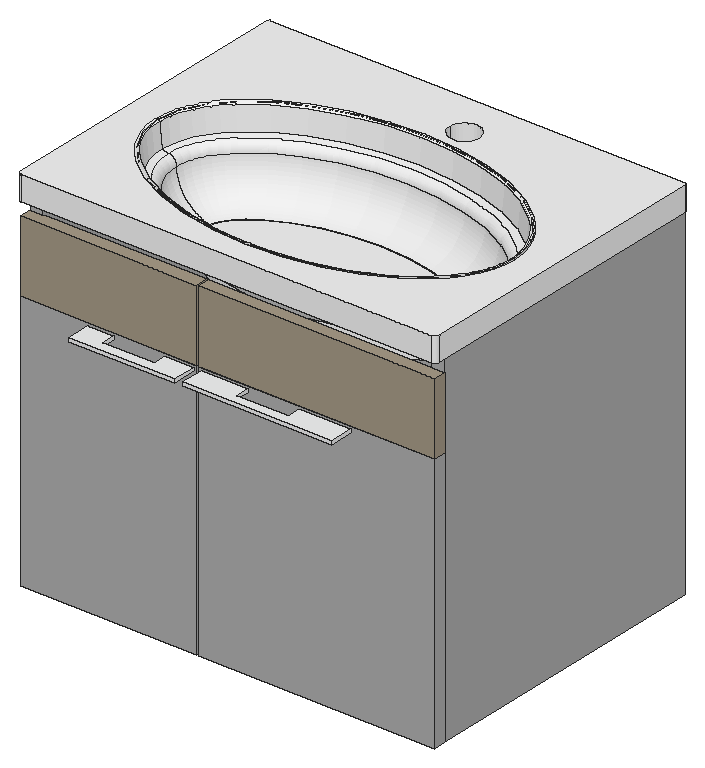
Revit family "135076841_Mueble Elipse Plus 60 cm con Lavamanos", category Furniture, Revit 2019
Family settings
  OmniClass Number = 23.31.13.11
  OmniClass Title = Single Sinks
  Work Plane-Based = No
  Always vertical = Yes
  Cut with Voids When Loaded = No
  Shared = No
  Room Calculation Point = No
Parameters
  URL = "https://corona.co/productos/muebles-para-banos/mueble-elipse-plus/p/135076841"
  Resistencia al rayado = "700 ciclos"  # constant formula
  Resistencia a la humedad = "8%"  # constant formula
  Peso Neto aprox = "35,7 lb (16,2 kg)."  # constant formula
  Peso Bruto aprox = "43,9 lb (19,9 kg)."  # constant formula
  Model = "Elipse Plus 60"  # constant formula
  Material = Corona_Madera_Niebla
  Manufacturer = "Corona"  # constant formula
  Manija = Corona_Aluminio
  Longitud = 453 mm
  Garantía Herraje = "1 año"  # constant formula
  Garantía = "5 Años (Madera)"  # constant formula
  Fecha de creación = "28/07/2020"  # constant formula
  Description = "Línea de Muebles Elipse Plus con mezcla de materiales y manija en aluminio\r\nque brindan un diseño moderno, en formato de 60 y 80 cm con una puerta y\r\nuna canastilla organizadora. Máxima capacidad de almacenamiento.\r\n· Resistentes a la humedad.\r\n· Lavamanos 100% en porcelana.\r\n· Canastilla Organizadora"  # constant formula
  Creado por = "IDD"  # constant formula
  Ancho = 600 mm
  Alto = 500 mm
  Acabado = Corona_Ambar
Reference planes
  plane 1 "Center (Front/Back)": y = 0
  plane 2: z = 0
  plane 3 "Center (Left/Right)": x = 0
  plane 4 "Center L/S": x = 300
  plane 5 "Center L/T": x = -300
  plane 6 "Center L/U": y = -453
  plane 7: z = 500
  plane 8: z = 480
Forms (mm)
  Extrusion 1, solid, material "Corona_Madera_Niebla" <- "Material", detail levels medium+fine
    sketch origin (0, 0, 0) x (1, 0, 0) y (0, 1, 0)
      loop
        line (-300, 0) -> (-300, -435) -> (-282, -435) -> (-282, 0) -> (-300, 0)
    from 0 to 500
  Extrusion 2, solid, material "Corona_Madera_Niebla" <- "Material", detail levels medium+fine
    sketch origin (0, 0, 0) x (-1, 0, 0) y (0, -1, 0)
      loop
        line (-300, 0) -> (-282, 0) -> (-282, 435) -> (-300, 435) -> (-300, 0)
    from 0 to 500
  Extrusion 3, solid, material "Corona_Madera_Niebla" <- "Material", detail levels medium+fine
    sketch origin (0, 0, 0) x (1, 0, 0) y (0, 1, 0)
      loop
        line (-282, 0) -> (-282, -18) -> (282, -18) -> (282, 0) -> (-282, 0)
    from 0 to 500
  Extrusion 4, solid, material "Corona_Madera_Niebla" <- "Material", detail levels medium+fine
    sketch origin (0, 0, 0) x (1, 0, 0) y (0, 1, 0)
      loop
        line (-300, -453) -> (-44.033, -453) -> (-44.033, -435) -> (-300, -435) -> (-300, -453)
      loop
        line (300, -435) -> (-41.033, -435) -> (-41.033, -453) -> (300, -453) -> (300, -435)
    from 0 to 376
  Extrusion 5, solid, material "Corona_Ambar" <- "Acabado", detail levels medium+fine
    sketch origin (0, 0, 0) x (1, 0, 0) y (0, 1, 0)
      loop
        line (-300, -453) -> (-44.033, -453) -> (-44.033, -435) -> (-300, -435) -> (-300, -453)
      loop
        line (300, -435) -> (-41.033, -435) -> (-41.033, -453) -> (300, -453) -> (300, -435)
    from 376 to 480
  Extrusion 6, solid, material "Corona_Aluminio" <- "Manija", detail levels medium+fine
    sketch origin (0, 0, 0) x (1, 0, 0) y (0, 1, 0)
      loop
        line (-202.5, -453) -> (-202.5, -488) -> (-48.75, -488) -> (-48.75, -453) -> (-90, -453) -> (-90, -473) -> (-165, -473) -> (-165, -453) -> (-202.5, -453)
      loop
        line (-37.5, -453) -> (-37.5, -488) -> (178.75, -488) -> (178.75, -453) -> (105, -453) -> (105, -473) -> (30, -473) -> (30, -453) -> (-37.5, -453)
    from 367 to 371.997
  Extrusion 7, solid, material "Corona_Madera_Niebla" <- "Material", detail levels medium+fine
    sketch origin (0, 0, 0) x (1, 0, 0) y (0, 1, 0)
      loop
        line (-282, -18) -> (-282, -435) -> (282, -435) -> (282, -18) -> (-282, -18)
    from 0 to 18
  Extrusion 8, solid, material "Corona_Madera_Niebla" <- "Material", detail levels coarse
    sketch origin (0, 0, 0) x (1, 0, 0) y (0, 1, 0)
      loop
        line (-300, 0) -> (-300, -453) -> (300, -453) -> (300, 0) -> (-300, 0)
    from 0 to 500
  Extrusion 9, solid, material "Corona_Cerámica_Sinterizada", detail levels coarse
    sketch origin (0, 0, 0) x (1, 0, 0) y (0, 1, 0)
      loop
        line (-303, 0) -> (-303, -454) -> (303, -454) -> (303, 0) -> (-303, 0)
    from 500 to 535
Dimensions and locks
  equal spacing: plane 5 "Center L/T", plane 3 "Center (Left/Right)", plane 4 "Center L/S"
  "Ancho": plane 5 "Center L/T" to plane 4 "Center L/S"
  "Longitud": plane 6 "Center L/U" to plane 1 "Center (Front/Back)"
  "Alto": plane 7 to plane 2
  locked: plane 7 to plane 8 at 20
  aligned and locked: level to plane 2
  aligned and locked: plane 4 "Center L/S" to Extrusion 2
  aligned and locked: Extrusion 1 to plane 5 "Center L/T"
  aligned and locked: Extrusion 3 to plane 1 "Center (Front/Back)"
  aligned and locked: plane 6 "Center L/U" to Extrusion 4
  aligned and locked: Extrusion 5 sketch curve to Extrusion 4  (x3)
  aligned and locked: Extrusion 5 sketch curve to Extrusion 2
  aligned and locked: Extrusion 7 sketch curve to Extrusion 3  (x2)
  aligned and locked: Extrusion 7 sketch curve to Extrusion 2
  aligned and locked: Extrusion 2 to Extrusion 7 sketch curve
  aligned and locked: plane 7 to Extrusion 3
  aligned and locked: plane 7 to Extrusion 2
  aligned and locked: plane 7 to Extrusion 1
  aligned and locked: plane 8 to Extrusion 5
  aligned and locked: plane 3 "Center (Left/Right)" to nested 1
  aligned and locked: plane 1 "Center (Front/Back)" to nested 1
  aligned and locked: plane 3 "Center (Left/Right)" to nested 2
  aligned and locked: plane 2 to nested 2
  aligned and locked: plane 1 "Center (Front/Back)" to nested 3
  aligned and locked: plane 2 to nested 3
  aligned and locked: Extrusion 8 sketch curve to plane 6 "Center L/U"
  aligned and locked: Extrusion 8 sketch curve to plane 4 "Center L/S"
  aligned and locked: plane 1 "Center (Front/Back)" to Extrusion 8 sketch curve
  aligned and locked: plane 5 "Center L/T" to Extrusion 8 sketch curve
  aligned and locked: Extrusion 9 sketch curve to nested 1  (x2)
  aligned and locked: Extrusion 8 to Extrusion 1  (x2)
  aligned and locked: plane 3 "Center (Left/Right)" to nested 4
  aligned and locked: plane 1 "Center (Front/Back)" to nested 4
  aligned and locked: nested 4 to Extrusion 3
  aligned and locked: Extrusion 9 to nested 4
Automatic sketch dimensions
  Extrusion 1 sketch curve to plane 5 "Center L/T" = 0 mm
  plane 1 "Center (Front/Back)" to Extrusion 1 sketch curve = 0 mm
  plane 5 "Center L/T" to Extrusion 1 sketch curve = 18 mm
  Extrusion 1 sketch curve to plane 6 "Center L/U" = 18 mm
  Extrusion 2 sketch curve to plane 4 "Center L/S" = 0 mm
  plane 1 "Center (Front/Back)" to Extrusion 2 sketch curve = 0 mm
  Extrusion 2 sketch curve to Extrusion 2 sketch curve = 18 mm
  plane 6 "Center L/U" to Extrusion 2 sketch curve = 18 mm
  plane 1 "Center (Front/Back)" to Extrusion 3 sketch curve = 0 mm
  plane 5 "Center L/T" to Extrusion 3 sketch curve = 18 mm
  Extrusion 3 sketch curve to plane 4 "Center L/S" = 18 mm
  plane 1 "Center (Front/Back)" to Extrusion 3 sketch curve = 18 mm
  Extrusion 4 sketch curve to plane 5 "Center L/T" = 0 mm
  Extrusion 4 sketch curve to plane 4 "Center L/S" = 0 mm
  plane 6 "Center L/U" to Extrusion 6 sketch curve = 0 mm  (x4)
  plane 3 "Center (Left/Right)" to Extrusion 6 sketch curve = 30 mm
  Extrusion 6 sketch curve to Extrusion 6 sketch curve = 67.5 mm
  Extrusion 6 sketch curve to Extrusion 6 sketch curve = 11.25 mm
  Extrusion 6 sketch curve to Extrusion 6 sketch curve = 41.25 mm
  Extrusion 6 sketch curve to Extrusion 6 sketch curve = 75 mm
  Extrusion 6 sketch curve to Extrusion 6 sketch curve = 37.5 mm
  plane 3 "Center (Left/Right)" to Extrusion 6 sketch curve = 105 mm
  Extrusion 6 sketch curve to Extrusion 6 sketch curve = 73.75 mm
  plane 6 "Center L/U" to Extrusion 6 sketch curve = 20 mm
  Extrusion 6 sketch curve to Extrusion 6 sketch curve = 20 mm
  Extrusion 6 sketch curve to Extrusion 6 sketch curve = 35 mm
  Extrusion 6 sketch curve to Extrusion 6 sketch curve = 0 mm
  Extrusion 5 sketch curve to plane 3 "Center (Left/Right)" = 44.033 mm
  Extrusion 5 sketch curve to Extrusion 5 sketch curve = 3 mm
  Extrusion 5 sketch curve to Extrusion 5 sketch curve = 0 mm
  plane 6 "Center L/U" to Extrusion 5 sketch curve = 0 mm
  Extrusion 4 sketch curve to plane 6 "Center L/U" = 18 mm
  Extrusion 4 sketch curve to plane 3 "Center (Left/Right)" = 44.033 mm
  plane 6 "Center L/U" to Extrusion 4 sketch curve = 0 mm  (x2)
  Extrusion 4 sketch curve to Extrusion 4 sketch curve = 3 mm
  Extrusion 4 sketch curve to Extrusion 4 sketch curve = 0 mm
  plane 4 "Center L/S" to Extrusion 9 sketch curve = 3 mm
  Extrusion 9 sketch curve to plane 5 "Center L/T" = 3 mm
Nested families
  nested 1: "Planta" at (0, -227, 0), type "Planta"
  nested 2: "lateral" at (0, 0, 250) x (1, 0, 0) z (0, -1, 0), type "lateral"
  nested 3: "lateral1" at (0, -226.5, 250) x (0, 1, 0) z (1, 0, 0), type "lateral1"
  nested 4: "Lavamanos Elipse plus 60" at (0, 0, 535), type "Lavamanos Elipse plus 60", detail levels medium+fine
Connectors
  piping at (34.468, -259.521, 385), diameter 38.1
    settings: on nested 4, index 1, connector inside diameter 609.6 mm, connector length 0 mm, flow factor 0, pipe flow 0.0 L/s, pressure drop 0.0 Pa, fitting loss kfactor 0, connector angle 0.00°, fixture units 0, engagement length 0 mm, angle of deflection 0.00°, flow configuration 0, flow direction 0, fitting loss method 0, system type 16, joint type 0, gender type 0, connector reference index -1, connector utility 0, adjustable connector no, is connector primary yes, connector description ""
  piping at (32.993, -64.674, 500), diameter 12.7
    settings: on nested 4, index 2, connector inside diameter 609.6 mm, connector length 0 mm, flow factor 0, pipe flow 0.0 L/s, pressure drop 0.0 Pa, fitting loss kfactor 0, connector angle 0.00°, fixture units 0, engagement length 0 mm, angle of deflection 0.00°, flow configuration 0, flow direction 0, fitting loss method 0, system type 20, joint type 0, gender type 0, connector reference index -1, connector utility 0, adjustable connector no, is connector primary no, connector description ""
Definition of nested family "Lavamanos Elipse plus 60"
  Parameters (values of type "Lavamanos Elipse plus 60")
    Width = 606 mm
    Material Lavamanos = none
    Height = 122 mm
    Depth = 454 mm
    Date Created = "08/07/2020"  # constant formula
    Created by = "IDD"  # constant formula
  Reference planes
    plane 1 "Center (Front/Back)": y = 0
    plane 2: z = 0
    plane 3 "Center (Left/Right)": x = 0
    plane 4: y = -454
    plane 5: x = 303
    plane 6: x = -303
    plane 7: z = -150
    plane 8: z = -35
    plane 9: y = -253.444
  Forms (mm)
    Extrusion 1, solid, material <- "Material Lavamanos"
      sketch origin (0, 0, -10) x (1, 0, 0) y (0, 1, 0)
        loop
          arc (-300.603, 0) -> (-302.013, -0.987) -> (-303, -2.397) r 4.953
          line (-303, -2.397) -> (-303, -447.917)
          arc (-303, -447.917) -> (-301.218, -452.218) -> (-296.917, -454) r 6.083
          line (-296.917, -454) -> (296.917, -454)
          arc (296.917, -454) -> (301.218, -452.218) -> (303, -447.917) r 6.083
          line (303, -447.917) -> (303, -2.397)
          arc (303, -2.397) -> (302.013, -0.987) -> (300.603, 0) r 4.953
          line (300.603, 0) -> (-300.603, 0)
        loop
          spline (-258, -258.444) -> (-249.209, -299.855) -> (-223.435, -338.444) -> (-182.434, -371.581) -> (-129, -397.008) -> (-66.775, -412.992) -> (0, -418.444) -> (66.775, -412.992) -> (129, -397.008) -> (182.434, -371.581) -> (223.435, -338.444) -> (249.209, -299.855) -> (258, -258.444)
          spline (258, -258.444) -> (249.209, -217.033) -> (223.435, -178.444) -> (182.434, -145.307) -> (129, -119.88) -> (66.775, -103.896) -> (0, -98.444) -> (-66.775, -103.896) -> (-129, -119.88) -> (-182.434, -145.307) -> (-223.435, -178.444) -> (-249.209, -217.033) -> (-258, -258.444)
      from -25 to 10
    Extrusion 2, void
      sketch origin (32.889, 176.769, 0) x (1, 0, 0) y (0, 1, 0)
        loop
          circle (0.104, -241.443) r 21.75
      from -59.237 to 25
    Extrusion 3, void
      sketch origin (34.468, -17.338, 0) x (1, 0, 0) y (0, 1, 0)
        loop
          circle (0, -242.183) r 21.75
      from -321.378 to -60.208
    Sweep 4, solid
      path origin (0, 0, 10) x (1, 0, 0) y (0, 1, 0)
        loop
          spline (-258, -258.444) -> (-249.209, -299.855) -> (-223.435, -338.444) -> (-182.434, -371.581) -> (-129, -397.008) -> (-66.775, -412.992) -> (0, -418.444) -> (66.775, -412.992) -> (129, -397.008) -> (182.434, -371.581) -> (223.435, -338.444) -> (249.209, -299.855) -> (258, -258.444)
          spline (258, -258.444) -> (249.209, -217.033) -> (223.435, -178.444) -> (182.434, -145.307) -> (129, -119.88) -> (66.775, -103.896) -> (0, -98.444) -> (-66.775, -103.896) -> (-129, -119.88) -> (-182.434, -145.307) -> (-223.435, -178.444) -> (-249.209, -217.033) -> (-258, -258.444)
      profile origin (0, -98.444, 10) x (0, 1, 0) y (0, 0, 1)
        loop
          arc (1.765, -9.401) -> (-1.004, -10.448) -> (-3.534, -11.985) r 16.076
          line (-3.534, -11.985) -> (-7.108, -45.989) -> (-17.588, -48.042)
          arc (-17.588, -48.042) -> (-24.737, -53.09) -> (-27.69, -61.329) r 14.532
          arc (-27.69, -61.329) -> (-42.264, -99.288) -> (-76.974, -120.467) r 63.074
          line (-76.974, -120.467) -> (-76.974, -125.581)
          arc (-76.974, -125.581) -> (-38.781, -102.916) -> (-22.694, -61.52) r 68.074
          arc (-22.694, -61.52) -> (-20.834, -56.22) -> (-16.313, -52.887) r 9.532
          line (-16.313, -52.887) -> (-2.522, -50.186) -> (1.765, -9.401)
    Extrusion 5, solid
      sketch origin (0, 0, 10) x (1, 0, 0) y (0, 1, 0)
        loop
          spline (0, -175.418) -> (-27.327, -176.369) -> (-54.001, -179.523) -> (-79.367, -184.753) -> (-102.791, -191.834) -> (-123.692, -200.429) -> (-141.553, -210.1) -> (-155.991, -220.266) -> (-166.806, -230.269) -> (-174.135, -239.399) -> (-178.409, -247.118) -> (-180.456, -253.294) -> (-181.026, -258.444)
          spline (-181.026, -258.444) -> (-180.453, -263.588) -> (-178.416, -269.777) -> (-174.128, -277.492) -> (-166.816, -286.62) -> (-155.993, -296.622) -> (-141.549, -306.788) -> (-123.692, -316.458) -> (-102.791, -325.054) -> (-79.367, -332.134) -> (-54.001, -337.365) -> (-27.327, -340.519) -> (0, -341.47)
          spline (0, -341.47) -> (27.327, -340.519) -> (54.001, -337.365) -> (79.367, -332.134) -> (102.791, -325.054) -> (123.692, -316.459) -> (141.553, -306.788) -> (155.991, -296.622) -> (166.806, -286.619) -> (174.135, -277.489) -> (178.409, -269.77) -> (180.456, -263.593) -> (181.026, -258.444)
          spline (181.026, -258.444) -> (180.453, -253.3) -> (178.416, -247.111) -> (174.128, -239.396) -> (166.816, -230.268) -> (155.993, -220.266) -> (141.549, -210.099) -> (123.692, -200.429) -> (102.791, -191.834) -> (79.367, -184.753) -> (54.001, -179.523) -> (27.327, -176.369) -> (0, -175.418)
      from -160 to -120.467
  Cuts and joins
    Extrusion 2 cuts Extrusion 1
    Extrusion 3 cuts Extrusion 5
  Dimensions and locks
    equal spacing: plane 6, plane 3 "Center (Left/Right)", plane 5
    "Width": plane 6 to plane 5
    "Depth": plane 4 to plane 1 "Center (Front/Back)"
    plane 1 "Center (Front/Back)" to plane 4 = 454 mm
    level to plane 7 = 150 mm
    plane 8 to level = 35 mm
    aligned and locked: level to plane 2
  Automatic sketch dimensions
    Extrusion 1 sketch curve to plane 6 = 0 mm
    plane 1 "Center (Front/Back)" to Extrusion 1 sketch curve = 0 mm
    Extrusion 1 sketch curve to plane 4 = 0 mm
    Extrusion 1 sketch curve to plane 3 "Center (Left/Right)" = 0 mm
    Extrusion 1 sketch curve to plane 5 = 0 mm
    plane 6 to Extrusion 1 sketch curve = 2.397 mm
    plane 6 to Extrusion 1 sketch curve = 4.489 mm
    plane 6 to Extrusion 1 sketch curve = 6.083 mm
    Extrusion 1 sketch curve to Extrusion 1 sketch curve = 6.083 mm
    Extrusion 1 sketch curve to plane 5 = 4.489 mm
    Extrusion 1 sketch curve to plane 5 = 2.397 mm
    plane 1 "Center (Front/Back)" to Extrusion 1 sketch curve = 4.489 mm  (x2)
    plane 9 to Extrusion 1 sketch curve = 5 mm
    plane 6 to Extrusion 1 sketch curve = 45 mm
    Extrusion 2 sketch curve to Extrusion 2 sketch curve = 0 mm  (x2)
    plane 3 "Center (Left/Right)" to Extrusion 2 sketch curve = 32.993 mm
    plane 1 "Center (Front/Back)" to Extrusion 2 sketch curve = 64.674 mm
    plane 3 "Center (Left/Right)" to Extrusion 2 sketch curve = 11.243 mm
    Extrusion 3 sketch curve to Extrusion 3 sketch curve = 0 mm  (x2)
    plane 9 to Extrusion 3 sketch curve = 6.078 mm
    plane 3 "Center (Left/Right)" to Extrusion 3 sketch curve = 34.468 mm
    plane 3 "Center (Left/Right)" to Extrusion 3 sketch curve = 12.718 mm
    Extrusion 5 sketch curve to plane 3 "Center (Left/Right)" = 0 mm  (x2)
    Extrusion 5 sketch curve to plane 9 = 78.026 mm
    plane 9 to Extrusion 5 sketch curve = 5 mm  (x2)
    plane 6 to Extrusion 5 sketch curve = 121.974 mm
    Extrusion 5 sketch curve to plane 5 = 121.974 mm
    plane 9 to Extrusion 5 sketch curve = 88.026 mm
    Sweep 4 sketch curve to plane 3 "Center (Left/Right)" = 0 mm
    plane 9 to Sweep 4 sketch curve = 5 mm
    plane 6 to Sweep 4 sketch curve = 45 mm
    Sweep 4 sketch curve to Sweep 4 sketch curve = 0 mm  (x6)
    Sweep 4 sketch curve to profile plane = 1.765 mm
    profile plane to Sweep 4 sketch curve = 2.522 mm
    profile plane to Sweep 4 sketch curve = 3.534 mm
    Sweep 4 sketch curve to Sweep 4 sketch curve = 4.586 mm
    profile plane to Sweep 4 sketch curve = 13.168 mm
    Sweep 4 sketch curve to Sweep 4 sketch curve = 3.145 mm
    Sweep 4 sketch curve to Sweep 4 sketch curve = 1.275 mm
    Sweep 4 sketch curve to Sweep 4 sketch curve = 73.13 mm
    Sweep 4 sketch curve to profile plane = 6.042 mm
    Sweep 4 sketch curve to profile plane = 61.886 mm
    Sweep 4 sketch curve to profile plane = 58.908 mm
    Sweep 4 sketch curve to Sweep 4 sketch curve = 8.999 mm
    Sweep 4 sketch curve to Sweep 4 sketch curve = 2.702 mm
    Sweep 4 sketch curve to Sweep 4 sketch curve = 4.845 mm
    Sweep 4 sketch curve to Sweep 4 sketch curve = 4.197 mm
    Sweep 4 sketch curve to Sweep 4 sketch curve = 21.092 mm
    Sweep 4 sketch curve to profile plane = 11.985 mm
    Sweep 4 sketch curve to Sweep 4 sketch curve = 13.744 mm
Definition of nested family "Planta"
  Parameters (values of type "Planta")
    Longitud = 454 mm
    Ancho = 606 mm
  Reference planes
    plane 1 "Center (Front/Back)": y = 0
    plane 2: z = 0
    plane 3 "Center (Left/Right)": x = 0
    plane 4 "Center (F/C": x = 303
    plane 5 "Center (F/D": x = -303
    plane 6 "Center (F/E": y = 227
    plane 7 "Center (F/F": y = -227
  Lines and regions (mm)
    detail lines, in view "Ref. Level"
      curve 1: line (-298, 227, 0) -> (298, 227, 0)
      curve 2: line (-303, -222, 0) -> (-303, 222, 0)
      curve 3: line (298, -227, 0) -> (-298, -227, 0)
      curve 4: line (303, 222, 0) -> (303, -222, 0)
      curve 5: arc (-303, 222, 0) -> (-301.536, 225.536, 0) -> (-298, 227, 0) r 5
      curve 6: arc (298, 227, 0) -> (301.536, 225.536, 0) -> (303, 222, 0) r 5
      curve 7: arc (298, -227, 0) -> (301.536, -225.536, 0) -> (303, -222, 0) r 5
      curve 8: arc (-298, -227, 0) -> (-301.536, -225.536, 0) -> (-303, -222, 0) r 5
      curve 9: circle (22.472, 159.765, 0) r 15 normal (0, 0, 1)
      curve 10: circle (21.111, -26.046, 0) r 25 normal (0, 0, 1)
      curve 11: circle (21.111, -26.046, 0) r 35 normal (0, 0, 1)
      curve 12: spline (-201.436, -26.046, 0) -> (-193.853, -55.81, 0) -> (-171.62, -83.546, 0) -> (-136.254, -107.363, 0) -> (-90.163, -125.639, 0) -> (-36.489, -137.127, 0) -> (21.111, -141.046, 0) -> (78.71, -137.127, 0) -> (132.384, -125.639, 0) -> (178.475, -107.363, 0) -> (213.842, -83.546, 0) -> (236.074, -55.81, 0) -> (243.657, -26.046, 0) -> (236.074, 3.718, 0) -> (213.842, 31.454, 0) -> (178.475, 55.271, 0) -> (132.384, 73.547, 0) -> (78.71, 85.036, 0) -> (21.111, 88.954, 0) -> (-36.489, 85.036, 0) -> (-90.163, 73.547, 0) -> (-136.254, 55.271, 0) -> (-171.62, 31.454, 0) -> (-193.853, 3.718, 0) -> (-201.436, -26.046, 0)
      curve 13: spline (-248.936, -27.296, 0) -> (-240.501, 6.351, 0) -> (-215.771, 37.704, 0) -> (-176.431, 64.628, 0) -> (-125.163, 85.287, 0) -> (-65.459, 98.275, 0) -> (-1.389, 102.704, 0) -> (62.68, 98.275, 0) -> (122.384, 85.287, 0) -> (173.653, 64.628, 0) -> (212.992, 37.704, 0) -> (237.722, 6.351, 0) -> (246.157, -27.296, 0) -> (237.722, -60.942, 0) -> (212.992, -92.296, 0) -> (173.653, -119.22, 0) -> (122.384, -139.879, 0) -> (62.68, -152.866, 0) -> (-1.389, -157.296, 0) -> (-65.459, -152.866, 0) -> (-125.163, -139.879, 0) -> (-176.431, -119.22, 0) -> (-215.771, -92.296, 0) -> (-240.501, -60.942, 0) -> (-248.936, -27.296, 0)
      curve 14: spline (-266.389, -27.296, 0) -> (-257.36, 10.233, 0) -> (-230.886, 45.204, 0) -> (-188.773, 75.235, 0) -> (-133.889, 98.278, 0) -> (-69.976, 112.763, 0) -> (-1.389, 117.704, 0) -> (67.198, 112.763, 0) -> (131.111, 98.278, 0) -> (185.994, 75.235, 0) -> (228.107, 45.204, 0) -> (254.581, 10.233, 0) -> (263.611, -27.296, 0) -> (254.581, -64.825, 0) -> (228.107, -99.796, 0) -> (185.994, -129.826, 0) -> (131.111, -152.869, 0) -> (67.198, -167.355, 0) -> (-1.389, -172.296, 0) -> (-69.976, -167.355, 0) -> (-133.889, -152.869, 0) -> (-188.773, -129.826, 0) -> (-230.886, -99.796, 0) -> (-257.36, -64.825, 0) -> (-266.389, -27.296, 0)
      curve 15: line (-202.5, -227, 0) -> (-202.5, -262, 0)
      curve 16: line (-202.5, -262, 0) -> (-48.75, -262, 0)
      curve 17: line (-48.75, -262, 0) -> (-48.75, -227, 0)
      curve 18: line (-37.5, -227, 0) -> (-37.5, -262, 0)
      curve 19: line (-37.5, -262, 0) -> (178.75, -262, 0)
      curve 20: line (178.75, -262, 0) -> (178.75, -227, 0)
      curve 21: line (105, -227, 0) -> (105, -247, 0)
      curve 22: line (105, -247, 0) -> (30, -247, 0)
      curve 23: line (30, -247, 0) -> (30, -227, 0)
      curve 24: line (-90, -227, 0) -> (-90, -247, 0)
      curve 25: line (-90, -247, 0) -> (-165, -247, 0)
      curve 26: line (-165, -247, 0) -> (-165, -227, 0)
  Dimensions and locks
    equal spacing: plane 5 "Center (F/D", plane 3 "Center (Left/Right)", plane 4 "Center (F/C"
    "Ancho": plane 5 "Center (F/D" to plane 4 "Center (F/C"
    equal spacing: plane 7 "Center (F/F", plane 1 "Center (Front/Back)", plane 6 "Center (F/E"
    "Longitud": plane 7 "Center (F/F" to plane 6 "Center (F/E"
  Automatic sketch dimensions
    curve 10 to curve 11 = 0 mm  (x2)
    curve 8 to plane 5 "Center (F/D" = 0 mm
    plane 7 "Center (F/F" to curve 8 = 0 mm
    plane 6 "Center (F/E" to curve 5 = 0 mm
    curve 6 to plane 4 "Center (F/C" = 0 mm
    plane 5 "Center (F/D" to curve 3 = 5 mm
    plane 5 "Center (F/D" to curve 5 = 5 mm
    plane 3 "Center (Left/Right)" to curve 10 = 21.111 mm
    plane 3 "Center (Left/Right)" to curve 9 = 22.472 mm
    curve 7 to plane 4 "Center (F/C" = 5 mm
    curve 6 to plane 4 "Center (F/C" = 5 mm
    plane 1 "Center (Front/Back)" to curve 10 = 26.046 mm
    plane 6 "Center (F/E" to curve 9 = 67.235 mm
    plane 5 "Center (F/D" to curve 14 = 36.611 mm
    curve 14 to curve 13 = 17.453 mm
    curve 13 to curve 12 = 47.5 mm
    curve 14 to plane 3 "Center (Left/Right)" = 1.389 mm
    curve 13 to curve 14 = 0 mm  (x2)
    curve 12 to curve 10 = 0 mm  (x2)
    curve 14 to curve 10 = 1.25 mm
    plane 5 "Center (F/D" to curve 15 = 100.5 mm
    plane 7 "Center (F/F" to curve 15 = 35 mm
    curve 15 to curve 26 = 37.5 mm
    curve 25 to curve 24 = 75 mm
    curve 24 to curve 17 = 41.25 mm
    curve 16 to curve 18 = 11.25 mm
    plane 3 "Center (Left/Right)" to curve 22 = 30 mm
    curve 22 to curve 21 = 75 mm
    curve 21 to curve 19 = 73.75 mm
    curve 16 to curve 20 = 0 mm
    curve 16 to curve 25 = 15 mm
    curve 18 to curve 23 = 15 mm
    curve 22 to curve 23 = 20 mm
    curve 24 to curve 24 = 20 mm
    curve 18 to curve 18 = 35 mm
    curve 17 to curve 18 = 0 mm
    curve 19 to curve 20 = 35 mm
    curve 21 to curve 21 = 20 mm
    curve 15 to curve 15 = 35 mm
    curve 25 to curve 26 = 20 mm
    radius of curve 9 = 15 mm
    radius of curve 10 = 25 mm
    radius of curve 11 = 35 mm
Definition of nested family "lateral"
  Parameters (values of type "lateral")
    Longitud = 500 mm
    Ancho = 600 mm
  Reference planes
    plane 1 "Center (Front/Back)": y = 0
    plane 2: z = 0
    plane 3 "Center (Left/Right)": x = 0
    plane 4 "Center (F/C": x = 300
    plane 5 "Center (F/D": x = -300
    plane 6 "Center (F/E": y = 250
    plane 7 "Center (F/F": y = -250
    plane 8 "Center (F/G": x = -303
    plane 9 "Center (F/H": x = 303
    plane 10 "Center (F/I": x = -46
    plane 11 "Center (F/J": x = -43
  Lines and regions (mm)
    detail lines, in view "Ref. Level"
      curve 1: line (-303, 250, 0) -> (303, 250, 0)
      curve 2: line (-300, -250, 0) -> (-300, 250, 0)
      curve 3: line (300, -250, 0) -> (-300, -250, 0)
      curve 4: line (300, 250, 0) -> (300, -250, 0)
      curve 5: line (-300, 230, 0) -> (-46, 230, 0)
      curve 6: line (300, 126, 0) -> (-43, 126, 0)
      curve 7: line (-264.795, 121.948, 0) -> (-56, 121.948, 0)
      curve 8: line (-264.795, 116.948, 0) -> (-264.795, 121.948, 0)
      curve 9: line (263.107, 116.948, 0) -> (-36, 116.948, 0)
      curve 10: line (263.107, 121.948, 0) -> (263.107, 116.948, 0)
      curve 11: line (-303, 285, 0) -> (303, 285, 0)
      curve 12: line (-303, 285, 0) -> (-303, 250, 0)
      curve 13: line (303, 285, 0) -> (303, 250, 0)
      curve 14: line (-46, 230, 0) -> (-46, -250, 0)
      curve 15: line (-43, -250, 0) -> (-43, 230, 0)
      curve 16: line (-56, 116.948, 0) -> (-264.795, 116.948, 0)
      curve 17: line (-36, 121.948, 0) -> (263.107, 121.948, 0)
      curve 18: line (-46, 126, 0) -> (-300, 126, 0)
      curve 19: line (-43, 230, 0) -> (300, 230, 0)
      curve 20: line (-56, 121.948, 0) -> (-56, 116.948, 0)
      curve 21: line (-36, 121.948, 0) -> (-36, 116.948, 0)
  Dimensions and locks
    equal spacing: plane 5 "Center (F/D", plane 3 "Center (Left/Right)", plane 4 "Center (F/C"
    "Ancho": plane 5 "Center (F/D" to plane 4 "Center (F/C"
    equal spacing: plane 7 "Center (F/F", plane 1 "Center (Front/Back)", plane 6 "Center (F/E"
    "Longitud": plane 7 "Center (F/F" to plane 6 "Center (F/E"
    locked: plane 4 "Center (F/C" to plane 9 "Center (F/H" at 3
    locked: plane 8 "Center (F/G" to plane 5 "Center (F/D" at 3
  Automatic sketch dimensions
    plane 6 "Center (F/E" to curve 12 = 0 mm
    curve 12 to plane 8 "Center (F/G" = 0 mm
    curve 3 to plane 5 "Center (F/D" = 0 mm
    curve 5 to plane 10 "Center (F/I" = 0 mm
    curve 19 to plane 11 "Center (F/J" = 0 mm
    curve 4 to plane 4 "Center (F/C" = 0 mm
    curve 13 to plane 9 "Center (F/H" = 0 mm
    plane 7 "Center (F/F" to curve 3 = 0 mm
    plane 5 "Center (F/D" to curve 8 = 35.205 mm
    curve 7 to plane 10 "Center (F/I" = 10 mm
    curve 17 to plane 4 "Center (F/C" = 36.893 mm
    curve 16 to plane 1 "Center (Front/Back)" = 116.948 mm
    curve 10 to plane 1 "Center (Front/Back)" = 116.948 mm
    curve 16 to curve 7 = 5 mm
    curve 9 to curve 17 = 5 mm
    plane 6 "Center (F/E" to curve 14 = 20 mm
    curve 5 to curve 19 = 0 mm
    curve 12 to plane 6 "Center (F/E" = 35 mm
    plane 11 "Center (F/J" to curve 21 = 7 mm
    curve 7 to curve 18 = 4.052 mm
    curve 10 to curve 6 = 4.052 mm
Definition of nested family "lateral1"
  Parameters (values of type "lateral1")
    Longitud = 500 mm
    Ancho = 453 mm
  Reference planes
    plane 1 "Center (Front/Back)": y = 0
    plane 2: z = 0
    plane 3 "Center (Left/Right)": x = 0
    plane 4 "Center (F/C": x = 226.5
    plane 5 "Center (F/D": x = -226.5
    plane 6 "Center (F/E": y = 250
    plane 7 "Center (F/F": y = -250
  Lines and regions (mm)
    detail lines, in view "Ref. Level"
      curve 1: line (-226.5, -250, 0) -> (-226.5, 230, 0)
      curve 2: line (226.5, -250, 0) -> (-226.5, -250, 0)
      curve 3: line (226.5, 250, 0) -> (226.5, -250, 0)
      curve 4: line (-206.5, 250, 0) -> (226.5, 250, 0)
      curve 5: line (-206.5, -250, 0) -> (-206.5, 250, 0)
      curve 6: line (-226.5, 230, 0) -> (-206.5, 230, 0)
      curve 7: line (-226.5, 130, 0) -> (-206.5, 130, 0)
      curve 8: line (-226.5, 125, 0) -> (-256.5, 125, 0)
      curve 9: arc (-256.5, 125, 0) -> (-261.5, 120, 0) -> (-256.5, 115, 0) r 5
      curve 10: line (-256.5, 115, 0) -> (-226.5, 115, 0)
      curve 11: line (-206.5, 250, 0) -> (-207.5, 250, 0)
      curve 12: line (-207.5, 250, 0) -> (-207.5, 285, 0)
      curve 13: line (-207.5, 285, 0) -> (226.5, 285, 0)
      curve 14: line (226.5, 285, 0) -> (226.5, 250, 0)
  Dimensions and locks
    equal spacing: plane 5 "Center (F/D", plane 3 "Center (Left/Right)", plane 4 "Center (F/C"
    "Ancho": plane 5 "Center (F/D" to plane 4 "Center (F/C"
    equal spacing: plane 7 "Center (F/F", plane 1 "Center (Front/Back)", plane 6 "Center (F/E"
    "Longitud": plane 7 "Center (F/F" to plane 6 "Center (F/E"
  Automatic sketch dimensions
    curve 10 to plane 5 "Center (F/D" = 0 mm
    plane 6 "Center (F/E" to curve 12 = 0 mm
    plane 7 "Center (F/F" to curve 5 = 0 mm
    curve 13 to plane 4 "Center (F/C" = 0 mm
    curve 8 to curve 8 = 30 mm
    plane 5 "Center (F/D" to curve 13 = 19 mm
    curve 11 to curve 4 = 1 mm
    curve 10 to plane 1 "Center (Front/Back)" = 115 mm
    curve 9 to curve 9 = 5 mm
    plane 6 "Center (F/E" to curve 6 = 20 mm
    curve 13 to plane 6 "Center (F/E" = 35 mm
    curve 8 to curve 7 = 5 mm
